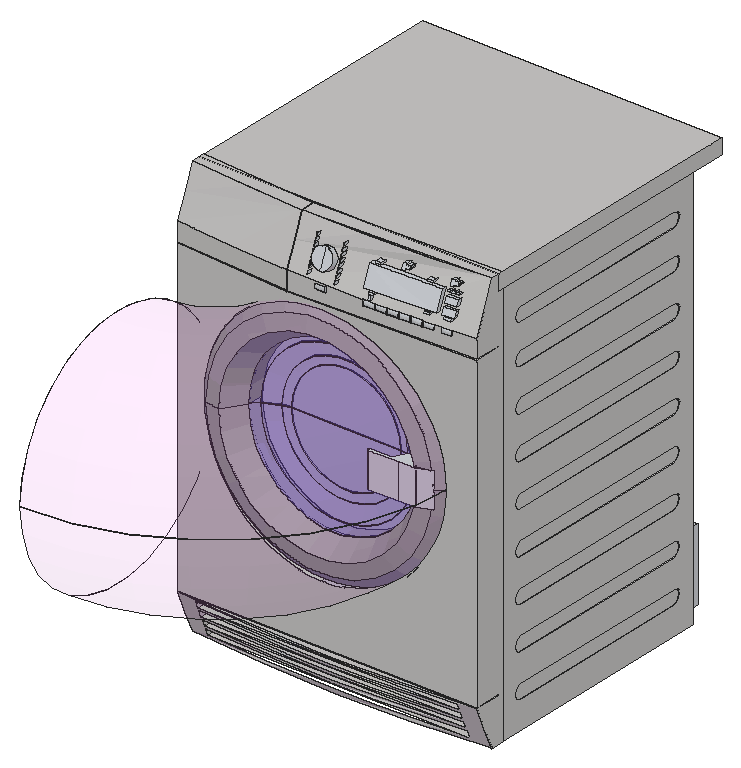
Revit family "QF_ELECTROLUXPROFESSIONAL_1L0A46_TE1120_E", category Attrezzature speciali, Revit 2021
Family settings
  Quota connettore circolare = Usa diametro
  Tipo di parte = Normale
  Basato su piano di lavoro = No
  Sempre verticale = Sì
  Taglio con vuoti quando caricato = No
  Condiviso = No
  Punto di calcolo locali = No
Parameters (values of type "916097781")
  Width = 596.5 mm
  Weight = 44
  Watts = 2800 W
  Volts = 230 V
  URL = "www.electroluxprofessional.com"
  Steam Pounds per Hour = 0
  Sensible Heat Output = "0.0"
  Prospetto di default = 0 mm
  Produttore = "Electrolux Professional"
  Phase = 1
  Modello = "TE1120"
  Length Actual = 596 mm
  Latent Heat Output = "0.0"
  Item Number = "1L0AEF"
  Height Actual = 850 mm
  Height = 850 mm
  Gas KW = 0
  Description = "myPRO SMART PROFESSIONAL TUMBLE DRYER TE1120 8KG CONDENSE 230/50/1N 2,8KW SYMBOLS SCHUKO SST/DARK BLUE"
  Depth Actual = 625 mm
  Depth = 625 mm
  Cycle = 50 Hz
  Corrente [instance] = "12.2"
Types (3, lengths in mm): name | Watts | Volts | Item Number | Description | Cycle | Corrente
  916097781 | 22000 W | 200 V | "1L0BJF" | "myPRO SMART PROFESSIONAL TUMBLE DRYER TE1120 8KG CONDENSE 200/60/1N 2,8KW JP SST/DARK BLUE" | 60 Hz | "478.0"
  916097778 | 28000 W | 230 V | "1L0BJC" | "myPRO SMART PROFESSIONAL TUMBLE DRYER TE1120 8KG CONDENSE 230-240/50/1N 2,8KW EN PLUG-AU SST/DARK BLUE" | 50 Hz | "122.0"
  916097623 | 28000 W | 230 V | "1L0AD9" | "myPRO SMART PROFESSIONAL TUMBLE DRYER TE1120 8KG CONDENSE 230-240/50/1N 2,8KW EN PLUG-UK SST/DARK BLUE" | 50 Hz | "122.0"
Reference planes
  plane 1 "Center (Front/Back)": y = 0
  plane 2: z = 0
  plane 3 "Center (Left/Right)": x = 0
  plane 4 "LEFT": x = -298.25
  plane 5 "RIGHT": x = 298.25
  plane 6 "BACK": y = 312.5
  plane 7 "FRONT": y = -312.5
  plane 8 "voidPanel": through (0, -279.09, 846.678) normal (0, -0.9308, 0.3656)
Forms (mm)
  Extrusion 1, void
    sketch origin (0, 0, 0) x (1, 0, 0) y (0, 1, 0)
      loop
        line (298.25, -312.5) -> (348.25, -312.5) -> (348.25, -207.1) -> (298.25, -207.1) -> (298.25, -312.5)
    from 0 to 850
  Extrusion 2, void
    sketch origin (0, 0, 0) x (1, 0, 0) y (0, 1, 0)
      loop
        line (-298.25, -312.5) -> (-298.25, -207.1) -> (-348.25, -207.1) -> (-348.25, -312.5) -> (-298.25, -312.5)
    from 0 to 850
  Revolve 3, solid, material "QF_Finishes_Stainless Steel"
    sketch origin (0, 0, 0) x (0, 1, 0) y (0, 0, 1)
      loop
        line (-274.523, 850) -> (-312.5, 758.7) -> (-312.5, 96.5) -> (-275.82, 10.099) -> (-247.797, 10.099) -> (-247.797, 850) -> (-274.523, 850)
      axis (2690.37, 850) -> (2690.37, 10.099)
    angle from -6 to 6
  Extrusion 4, solid, material "QF_Finishes_Stainless Steel"
    sketch origin (0, 0, 0) x (1, 0, 0) y (0, 1, 0)
      loop
        line (-298.25, 242.203) -> (-298.25, -242.62) -> (298.25, -242.62) -> (298.25, 242.203) -> (-298.25, 242.203)
    from 10 to 820
  Extrusion 5, solid, material "QF_Finishes_Stainless Steel"
    sketch origin (0, 0, 820) x (-1, 0, 0) y (0, -1, 0)
      loop
        line (298.25, -312.5) -> (298.25, 242.62)
        arc (298.25, 242.62) -> (0, 256.083) -> (-298.25, 242.62) r 3310.343
        line (-298.25, 242.62) -> (-298.25, -312.5) -> (298.25, -312.5)
    from 0 to 30
  Extrusion 6, void
    sketch origin (0, -312.5, 0) x (0, 0, 1) y (-1, 0, 0)
      loop
        circle (470, 0) r 242.757
    from 0 to -500.517
  Revolve 7, solid, material "QF_Finishes_Gray"
    sketch origin (0, 0, 470) x (-1, 0, 0) y (0, -1, 0)
      loop
        line (245.674, 247.797) -> (245.674, 301.649) -> (226.774, 315.823) -> (196.73, 322.467) -> (170.5, 280.146) -> (170.5, 247.797) -> (245.674, 247.797)
      axis (0, 247.797) -> (0, 322.467)
    angle from 0 to 360
  Revolve 8, solid, material "Glass"
    sketch origin (0, 0, 470) x (-1, 0, 0) y (0, -1, 0)
      loop
        line (156.034, 267.121) -> (125.785, 252.816)
        arc (125.785, 252.816) -> (117.42, 250.476) -> (108.77, 249.687) r 47.824
        line (108.77, 249.687) -> (0, 249.687) -> (0, 247.687) -> (108.77, 247.687)
        arc (108.77, 247.687) -> (117.82, 248.516) -> (126.57, 250.975) r 49.824
        line (126.57, 250.975) -> (156.889, 265.313)
        arc (156.889, 265.313) -> (164.396, 270.082) -> (170.5, 276.551) r 35.892
        line (170.5, 276.551) -> (170.5, 280.146)
        arc (170.5, 280.146) -> (164.222, 272.572) -> (156.034, 267.121) r 33.892
      axis (0, 247.687) -> (0, 280.146)
    angle from 0 to 360
  Extrusion 9, void
    sketch origin (0, 0, 470) x (-1, 0, 0) y (0, -1, 0)
      loop
        line (288.25, -232.203) -> (288.25, 237.797) -> (-288.25, 237.797) -> (-288.25, -232.203) -> (288.25, -232.203)
    from -434.1 to 332.6
  Extrusion 10, solid
    sketch origin (0, 0, 852.516) x (-1, 0, 0) y (0, -1, 0)
      loop
        line (-148.308, 321.998) -> (-106.952, 321.998)
        arc (-106.952, 321.998) -> (-103.946, 325.004) -> (-106.952, 328.01) r 3.006
        line (-106.952, 328.01) -> (-166.755, 328.01)
        arc (-166.755, 328.01) -> (-197.368, 324.932) -> (-226.757, 315.823) r 153.806
        line (-226.757, 315.823) -> (-196.713, 322.467) -> (-170.483, 280.146) -> (-148.308, 321.998)
    from -417.516 to -347.516
  Extrusion 11, void
    sketch origin (0, 0, 0) x (0, 1, 0) y (0, 0, 1)
      loop
        line (-186.583, 738.954) -> (193.417, 738.954)
        arc (193.417, 738.954) -> (208.417, 753.954) -> (193.417, 768.954) r 15
        line (193.417, 768.954) -> (-186.583, 768.954)
        arc (-186.583, 768.954) -> (-201.583, 753.954) -> (-186.583, 738.954) r 15
      loop
        line (-186.583, 659.854) -> (193.417, 659.854)
        arc (193.417, 659.854) -> (208.417, 674.854) -> (193.417, 689.854) r 15
        line (193.417, 689.854) -> (-186.583, 689.854)
        arc (-186.583, 689.854) -> (-201.583, 674.854) -> (-186.583, 659.854) r 15
      loop
        arc (193.417, 574.854) -> (208.417, 589.854) -> (193.417, 604.854) r 15
        line (193.417, 604.854) -> (-186.583, 604.854)
        arc (-186.583, 604.854) -> (-201.583, 589.854) -> (-186.583, 574.854) r 15
        line (-186.583, 574.854) -> (193.417, 574.854)
      loop
        arc (-186.583, 519.854) -> (-201.583, 504.854) -> (-186.583, 489.854) r 15
        line (-186.583, 489.854) -> (193.417, 489.854)
        arc (193.417, 489.854) -> (208.417, 504.854) -> (193.417, 519.854) r 15
        line (193.417, 519.854) -> (-186.583, 519.854)
      loop
        arc (-186.583, 434.854) -> (-201.583, 419.854) -> (-186.583, 404.854) r 15
        line (-186.583, 404.854) -> (193.417, 404.854)
        arc (193.417, 404.854) -> (208.417, 419.854) -> (193.417, 434.854) r 15
        line (193.417, 434.854) -> (-186.583, 434.854)
      loop
        line (-186.583, 319.854) -> (193.417, 319.854)
        arc (193.417, 319.854) -> (208.417, 334.854) -> (193.417, 349.854) r 15
        line (193.417, 349.854) -> (-186.583, 349.854)
        arc (-186.583, 349.854) -> (-201.583, 334.854) -> (-186.583, 319.854) r 15
      loop
        arc (-186.583, 264.854) -> (-201.583, 249.854) -> (-186.583, 234.854) r 15
        line (-186.583, 234.854) -> (193.417, 234.854)
        arc (193.417, 234.854) -> (208.417, 249.854) -> (193.417, 264.854) r 15
        line (193.417, 264.854) -> (-186.583, 264.854)
      loop
        arc (-186.583, 179.854) -> (-201.583, 164.854) -> (-186.583, 149.854) r 15
        line (-186.583, 149.854) -> (193.417, 149.854)
        arc (193.417, 149.854) -> (208.417, 164.854) -> (193.417, 179.854) r 15
        line (193.417, 179.854) -> (-186.583, 179.854)
      loop
        arc (-186.583, 94.854) -> (-201.583, 79.854) -> (-186.583, 64.854) r 15
        line (-186.583, 64.854) -> (193.417, 64.854)
        arc (193.417, 64.854) -> (208.417, 79.854) -> (193.417, 94.854) r 15
        line (193.417, 94.854) -> (-186.583, 94.854)
    from 295 to 298.25
  Extrusion 12, void
    sketch origin (-298.25, 0, 0) x (0, 0, 1) y (0, -1, 0)
      loop
        line (768.954, -193.417) -> (768.954, 186.583)
        arc (768.954, 186.583) -> (753.954, 201.583) -> (738.954, 186.583) r 15
        line (738.954, 186.583) -> (738.954, -193.417)
        arc (738.954, -193.417) -> (753.954, -208.417) -> (768.954, -193.417) r 15
      loop
        arc (659.854, -193.417) -> (674.854, -208.417) -> (689.854, -193.417) r 15
        line (689.854, -193.417) -> (689.854, 186.583)
        arc (689.854, 186.583) -> (674.854, 201.583) -> (659.854, 186.583) r 15
        line (659.854, 186.583) -> (659.854, -193.417)
      loop
        line (604.854, -193.417) -> (604.854, 186.583)
        arc (604.854, 186.583) -> (589.854, 201.583) -> (574.854, 186.583) r 15
        line (574.854, 186.583) -> (574.854, -193.417)
        arc (574.854, -193.417) -> (589.854, -208.417) -> (604.854, -193.417) r 15
      loop
        arc (489.854, -193.417) -> (504.854, -208.417) -> (519.854, -193.417) r 15
        line (519.854, -193.417) -> (519.854, 186.583)
        arc (519.854, 186.583) -> (504.854, 201.583) -> (489.854, 186.583) r 15
        line (489.854, 186.583) -> (489.854, -193.417)
      loop
        line (404.854, 186.583) -> (404.854, -193.417)
        arc (404.854, -193.417) -> (419.854, -208.417) -> (434.854, -193.417) r 15
        line (434.854, -193.417) -> (434.854, 186.583)
        arc (434.854, 186.583) -> (419.854, 201.583) -> (404.854, 186.583) r 15
      loop
        arc (319.854, -193.417) -> (334.854, -208.417) -> (349.854, -193.417) r 15
        line (349.854, -193.417) -> (349.854, 186.583)
        arc (349.854, 186.583) -> (334.854, 201.583) -> (319.854, 186.583) r 15
        line (319.854, 186.583) -> (319.854, -193.417)
      loop
        arc (264.854, 186.583) -> (249.854, 201.583) -> (234.854, 186.583) r 15
        line (234.854, 186.583) -> (234.854, -193.417)
        arc (234.854, -193.417) -> (249.854, -208.417) -> (264.854, -193.417) r 15
        line (264.854, -193.417) -> (264.854, 186.583)
      loop
        arc (149.854, -193.417) -> (164.854, -208.417) -> (179.854, -193.417) r 15
        line (179.854, -193.417) -> (179.854, 186.583)
        arc (179.854, 186.583) -> (164.854, 201.583) -> (149.854, 186.583) r 15
        line (149.854, 186.583) -> (149.854, -193.417)
      loop
        line (94.854, -193.417) -> (94.854, 186.583)
        arc (94.854, 186.583) -> (79.854, 201.583) -> (64.854, 186.583) r 15
        line (64.854, 186.583) -> (64.854, -193.417)
        arc (64.854, -193.417) -> (79.854, -208.417) -> (94.854, -193.417) r 15
    from 0 to 3.25
  Extrusion 13, solid
    sketch origin (0, 0, 0) x (1, 0, 0) y (0, 1, 0)
      loop
        circle (-263.25, 215.1) r 20
    from 2.599 to 10
  Extrusion 14, solid
    sketch origin (0, 0, 0) x (1, 0, 0) y (0, 1, 0)
      loop
        circle (-263.25, 215.1) r 11
    from 0 to 3
  Extrusion 15, solid
    sketch origin (0, 0, 0) x (1, 0, 0) y (0, 1, 0)
      loop
        circle (263.25, 215.1) r 20
    from 3 to 10
  Extrusion 16, solid
    sketch origin (0, 0, 0) x (1, 0, 0) y (0, 1, 0)
      loop
        circle (263.25, 215.1) r 11
    from 0 to 3
  Extrusion 17, solid
    sketch origin (0, 0, 0) x (1, 0, 0) y (0, 1, 0)
      loop
        circle (-263.25, -211.3) r 20
    from 3 to 10
  Extrusion 18, solid
    sketch origin (0, 0, 0) x (1, 0, 0) y (0, 1, 0)
      loop
        circle (-263.25, -211.3) r 11
    from 0 to 3
  Extrusion 19, solid
    sketch origin (0, 0, 0) x (1, 0, 0) y (0, 1, 0)
      loop
        circle (263.25, -211.3) r 20
    from 3 to 10
  Extrusion 20, solid
    sketch origin (0, 0, 0) x (1, 0, 0) y (0, 1, 0)
      loop
        circle (263.25, -211.3) r 11
    from 0 to 3
  Extrusion 21, solid
    sketch origin (66, 242.203, -35.6) x (0, 0, 1) y (1, 0, 0)
      loop
        circle (770.6, 175.06) r 5
    from 0 to 10
  Revolve 22, solid
    sketch origin (0, 0, 0) x (0, 1, 0) y (0, 0, 1)
      loop
        line (-291.663, 811.912) -> (-293.12, 812.457) -> (-291.348, 817.196) -> (-301.951, 821.16) -> (-309.078, 802.099) -> (-297.096, 797.379) -> (-291.663, 811.912)
      axis (-309.408, 802.229) -> (-297.096, 797.379)
    angle from 0 to 360
  Revolve 23, void
    sketch origin (-230.316, 19.843, 0) x (-0.085839, -0.996309, 0) y (0, 0, 1)
      loop
        arc (300.921, 759.87) -> (305.932, 740.04) -> (319.761, 724.969) r 41.748
        line (319.761, 724.969) -> (319.761, 759.87) -> (300.921, 759.87)
      axis (-2683.13, 759.87) -> (-2683.13, 724.969)
    angle from 0 to 2.65
  Extrusion 24, void
    sketch origin (0, -312.5, 0) x (0, 0, 1) y (-1, 0, 0)
      loop
        line (756.024, 11.1) -> (744.024, 11.1) -> (744.024, -11.9) -> (756.024, -11.9) -> (756.024, 11.1)
    from -2 to 2
  Extrusion 25, void
    sketch origin (0, -312.5, 0) x (0, 0, 1) y (-1, 0, 0)
      loop
        line (747.324, -82.491) -> (747.324, -105.291) -> (759.324, -105.291) -> (759.324, -82.491) -> (747.324, -82.491)
    from -4.2 to 3
  Extrusion 26, void
    sketch origin (0, -312.5, 0) x (0, 0, 1) y (-1, 0, 0)
      loop
        line (747.324, -105.691) -> (747.324, -128.291) -> (759.324, -128.291) -> (759.324, -105.691) -> (747.324, -105.691)
    from -5 to 3
  Extrusion 27, void
    sketch origin (0, -312.5, 0) x (0, 0, 1) y (-1, 0, 0)
      loop
        line (747.324, -128.691) -> (747.324, -151.291) -> (759.324, -151.291) -> (759.324, -128.691) -> (747.324, -128.691)
    from -6 to 3
  Extrusion 28, void
    sketch origin (0, -312.5, 0) x (0, 0, 1) y (-1, 0, 0)
      loop
        line (747.324, -151.691) -> (747.324, -174.291) -> (759.324, -174.291) -> (759.324, -151.691) -> (747.324, -151.691)
    from -7 to 3
  Extrusion 29, void
    sketch origin (0, -312.5, 0) x (0, 0, 1) y (-1, 0, 0)
      loop
        line (759.324, -174.691) -> (747.324, -174.691) -> (747.324, -197.291) -> (759.324, -197.291) -> (759.324, -174.691)
    from -8 to 3
  Extrusion 30, void
    sketch origin (0, -312.5, 0) x (0, 0, 1) y (-1, 0, 0)
      loop
        line (759.324, -197.691) -> (747.324, -197.691) -> (747.324, -220.291) -> (759.324, -220.291) -> (759.324, -197.691)
    from -10 to 3
  Extrusion 31, void
    sketch origin (0, -312.5, 0) x (0, 0, 1) y (-1, 0, 0)
      loop
        line (759.324, -231.191) -> (747.324, -231.191) -> (747.324, -253.791) -> (759.324, -253.791) -> (759.324, -231.191)
    from -12 to 3
  Revolve 32, solid
    sketch origin (0, 0, 3.3) x (0, 1, 0) y (0, 0, 1)
      loop
        arc (-313.722, 755.444) -> (-316.107, 750.198) -> (-315.269, 744.497) r 10.199
        line (-315.269, 744.497) -> (-311.5, 744.497) -> (-311.5, 755.444) -> (-313.722, 755.444)
      axis (2690.37, 755.444) -> (2690.37, 744.497)
    angle from -0.2 to 0.2
  Revolve 33, solid
    sketch origin (225.331, 18.987, 3.3) x (-0.083967, 0.996469, 0) y (0, 0, 1)
      loop
        line (-322.415, 744.497) -> (-318.664, 744.497) -> (-318.664, 755.444) -> (-320.867, 755.444)
        arc (-320.867, 755.444) -> (-323.262, 750.2) -> (-322.415, 744.497) r 10.15
      axis (2683.559, 755.444) -> (2683.559, 744.497)
    angle from 0.39 to 0
  Revolve 34, solid
    sketch origin (175.309, 11.964, 2.773) x (-0.065247, 0.997869, 0) y (0, 0, 1)
      loop
        arc (-316.803, 755.966) -> (-319.198, 750.722) -> (-318.35, 745.019) r 10.15
        line (-318.35, 745.019) -> (-314.581, 745.019) -> (-314.581, 755.966) -> (-316.803, 755.966)
      axis (2687.331, 755.966) -> (2687.331, 745.019)
    angle from 0 to 0.39
  Revolve 35, solid
    sketch origin (154.929, 8.943, 3.3) x (0.057625, -0.998338, 0) y (0, 0, 1)
      loop
        line (314.383, 755.444) -> (312.161, 755.444) -> (312.161, 744.497) -> (315.93, 744.497)
        arc (315.93, 744.497) -> (316.778, 750.2) -> (314.383, 755.444) r 10.15
      axis (-2688.595, 755.444) -> (-2688.595, 744.497)
    angle from 0 to -0.39
  Revolve 36, solid
    sketch origin (114.028, 4.837, 3.3) x (-0.042379, 0.999102, 0) y (0, 0, 1)
      loop
        arc (-312.044, 755.444) -> (-314.439, 750.2) -> (-313.591, 744.497) r 10.15
        line (-313.591, 744.497) -> (-309.822, 744.497) -> (-309.822, 755.444) -> (-312.044, 755.444)
      axis (2690.65, 755.444) -> (2690.65, 744.497)
    angle from 0 to 0.39
  Revolve 37, solid
    sketch origin (93.547, 3.253, 3.3) x (0.034757, -0.999396, 0) y (0, 0, 1)
      loop
        line (310.993, 755.444) -> (308.772, 755.444) -> (308.772, 744.497) -> (312.541, 744.497)
        arc (312.541, 744.497) -> (313.388, 750.2) -> (310.993, 755.444) r 10.15
      axis (-2691.442, 755.444) -> (-2691.442, 744.497)
    angle from 0 to -0.39
  Revolve 38, solid
    sketch origin (195.713, 14.299, 3.236) x (-0.072866, 0.997342, 0) y (0, 0, 1)
      loop
        line (-314.873, 744.555) -> (-314.873, 755.526) -> (-317.167, 755.526)
        arc (-317.167, 755.526) -> (-319.568, 750.27) -> (-318.708, 744.555) r 10.141
        line (-318.708, 744.555) -> (-314.873, 744.555)
      axis (2685.911, 755.526) -> (2685.911, 744.555)
    angle from 0 to 0.39
  Revolve 39, solid
    sketch origin (134.491, 6.733, 3.3) x (-0.050002, 0.998749, 0) y (0, 0, 1)
      loop
        line (-314.545, 744.497) -> (-310.794, 744.497) -> (-310.794, 755.444) -> (-312.997, 755.444)
        arc (-312.997, 755.444) -> (-315.392, 750.2) -> (-314.545, 744.497) r 10.15
      axis (2689.701, 755.444) -> (2689.701, 744.497)
    angle from 0 to 0.39
  Extrusion 40, void
    sketch origin (-298.25, 0, 0) x (0, 0, 1) y (0, -1, 0)
      loop
        line (850, 243.476) -> (850, 327.13) -> (718.7, 327.13) -> (718.7, 243.476) -> (850, 243.476)
    from 229 to 231.5
  Extrusion 41, void
    sketch origin (298.25, 0, 0) x (0, 0, 1) y (0, -1, 0)
      loop
        line (722, 242.62) -> (722, 333.453) -> (719.5, 333.453) -> (719.5, 242.62) -> (722, 242.62)
    from -600 to 3
  Extrusion 42, void
    sketch origin (298.25, 0, 0) x (0, 0, 1) y (0, -1, 0)
      loop
        line (96.5, 322.797) -> (96.5, 242.62) -> (99, 242.62) -> (99, 322.797) -> (96.5, 322.797)
    from -600 to 3
  Extrusion 43, solid
    sketch origin (0, -312.5, 0) x (0, 0, 1) y (-1, 0, 0)
      loop
        line (830.108, -26.248) -> (825.608, -26.248) -> (825.608, -27.748) -> (830.108, -27.748) -> (830.108, -26.248)
      loop
        line (821.758, -26.248) -> (817.258, -26.248) -> (817.258, -27.748) -> (821.758, -27.748) -> (821.758, -26.248)
      loop
        line (813.408, -26.248) -> (808.908, -26.248) -> (808.908, -27.748) -> (813.408, -27.748) -> (813.408, -26.248)
      loop
        line (805.058, -26.248) -> (800.558, -26.248) -> (800.558, -27.748) -> (805.058, -27.748) -> (805.058, -26.248)
      loop
        line (792.208, -26.248) -> (792.208, -27.748) -> (796.7, -27.748) -> (796.7, -26.248) -> (792.208, -26.248)
      loop
        line (783.858, -26.248) -> (783.858, -27.748) -> (788.358, -27.748) -> (788.358, -26.248) -> (783.858, -26.248)
      loop
        line (775.508, -26.248) -> (775.508, -27.748) -> (780.008, -27.748) -> (780.008, -26.248) -> (775.508, -26.248)
      loop
        line (767.158, -26.248) -> (767.158, -27.748) -> (771.658, -27.748) -> (771.658, -26.248) -> (767.158, -26.248)
      loop
        line (825.608, 27.752) -> (825.608, 26.252) -> (830.108, 26.252) -> (830.108, 27.752) -> (825.608, 27.752)
      loop
        line (817.258, 27.752) -> (817.258, 26.252) -> (821.758, 26.252) -> (821.758, 27.752) -> (817.258, 27.752)
      loop
        line (808.908, 27.752) -> (808.908, 26.252) -> (813.408, 26.252) -> (813.408, 27.752) -> (808.908, 27.752)
      loop
        line (800.558, 27.752) -> (800.558, 26.252) -> (805.058, 26.252) -> (805.058, 27.752) -> (800.558, 27.752)
      loop
        line (792.208, 27.752) -> (792.208, 26.252) -> (796.7, 26.252) -> (796.7, 27.752) -> (792.208, 27.752)
      loop
        line (783.858, 27.752) -> (783.858, 26.252) -> (788.358, 26.252) -> (788.358, 27.752) -> (783.858, 27.752)
      loop
        line (775.508, 27.752) -> (775.508, 26.252) -> (780.008, 26.252) -> (780.008, 27.752) -> (775.508, 27.752)
      loop
        line (767.158, 27.752) -> (767.158, 26.252) -> (771.658, 26.252) -> (771.658, 27.752) -> (767.158, 27.752)
      loop
        line (819.143, -91.989) -> (819.143, -101.989) -> (822.143, -101.989) -> (822.143, -91.989) -> (819.143, -91.989)
      loop
        line (772.15, -91.989) -> (772.15, -101.989) -> (775.15, -101.989) -> (775.15, -91.989) -> (772.15, -91.989)
      loop
        line (762.775, -93.928) -> (762.775, -97.928) -> (769.475, -97.928) -> (769.475, -93.928) -> (762.775, -93.928)
      loop
        line (819.143, -191.861) -> (819.143, -201.861) -> (822.143, -201.861) -> (822.143, -191.861) -> (819.143, -191.861)
      loop
        line (772.15, -198.861) -> (772.15, -208.861) -> (775.15, -208.861) -> (775.15, -198.861) -> (772.15, -198.861)
      loop
        line (814.446, -230.991) -> (814.446, -237.491) -> (816.946, -237.491) -> (816.946, -230.991) -> (814.446, -230.991)
      loop
        line (816.946, -239.241) -> (814.446, -239.241) -> (814.446, -245.741) -> (816.946, -245.741) -> (816.946, -239.241)
      loop
        line (816.946, -247.491) -> (814.446, -247.491) -> (814.446, -253.991) -> (816.946, -253.991) -> (816.946, -247.491)
      loop
        line (808.046, -230.991) -> (796.046, -230.991) -> (796.046, -253.991) -> (808.046, -253.991) -> (808.046, -230.991)
      loop
        line (791.046, -230.991) -> (779.046, -230.991) -> (779.046, -253.991) -> (791.046, -253.991) -> (791.046, -230.991)
      loop
        line (773.046, -235.991) -> (773.046, -248.991) -> (776.546, -248.991) -> (776.546, -235.991) -> (773.046, -235.991)
      loop
        line (815.845, -81.665) -> (778.345, -81.665) -> (778.345, -221.665) -> (815.845, -221.665) -> (815.845, -81.665)
      loop
        line (823.434, -141.668) -> (823.434, -148.168) -> (825.186, -148.168)
        arc (825.186, -148.168) -> (825.862, -148.43) -> (826.186, -149.079) r 1.004
        line (826.186, -149.079) -> (826.761, -155.285)
        arc (826.761, -155.285) -> (827.085, -155.934) -> (827.761, -156.196) r 1.004
        line (827.761, -156.196) -> (830.526, -156.196)
        arc (830.526, -156.196) -> (831.202, -155.934) -> (831.526, -155.285) r 1.004
        line (831.526, -155.285) -> (832.101, -149.079)
        arc (832.101, -149.079) -> (832.559, -148.326) -> (833.434, -148.224) r 1.004
        line (833.434, -148.224) -> (833.434, -141.668) -> (823.434, -141.668)
      loop
        line (823.434, -233.563) -> (823.434, -240.063) -> (825.186, -240.063)
        arc (825.186, -240.063) -> (825.862, -240.325) -> (826.186, -240.974) r 1.004
        line (826.186, -240.974) -> (826.761, -247.18)
        arc (826.761, -247.18) -> (827.085, -247.829) -> (827.761, -248.091) r 1.004
        line (827.761, -248.091) -> (830.526, -248.091)
        arc (830.526, -248.091) -> (831.202, -247.829) -> (831.526, -247.18) r 1.004
        line (831.526, -247.18) -> (832.101, -240.974)
        arc (832.101, -240.974) -> (832.559, -240.222) -> (833.434, -240.12) r 1.004
        line (833.434, -240.12) -> (833.434, -233.563) -> (823.434, -233.563)
    from -45.246 to 6
  Revolve 44, void
    sketch origin (0, 0, 0) x (0, 1, 0) y (0, 0, 1)
      loop
        line (-316.301, 758.952) -> (-278.984, 853.952) -> (-329.707, 853.952) -> (-329.707, 758.952) -> (-316.301, 758.952)
      axis (2690.37, 853.952) -> (2690.37, 758.952)
    angle from 1 to -6
  Revolve 45, void
    sketch origin (0, 0, 0) x (0, 1, 0) y (0, 0, 1)
      loop
        line (-273.427, 839.015) -> (-303.994, 761.2) -> (-262.303, 761.2) -> (-262.303, 839.015) -> (-273.427, 839.015)
      axis (2690.37, 839.015) -> (2690.37, 761.2)
    angle from 1 to -5
  Revolve 46, solid, material "QF_Door-Drawer Clearances"
    sketch origin (0, -271.25, 0) x (-1, 0, 0) y (0, 0, 1)
      loop
        circle (-1.368, 470) r 244.125
      axis (242.774, 470) -> (242.774, 469)
    angle from 0 to 90
  Extrusion 47, void
    sketch origin (0, -312.5, 0) x (0, 0, 1) y (-1, 0, 0)
      loop
        line (94, 260.75) -> (80, 260.75) -> (80, -261.25) -> (94, -261.25) -> (94, 260.75)
      loop
        line (74, 260.75) -> (60, 260.75) -> (60, -261.25) -> (74, -261.25) -> (74, 260.75)
      loop
        line (54, 260.75) -> (40, 260.75) -> (40, -261.25) -> (54, -261.25) -> (54, 260.75)
      loop
        line (34, 260.75) -> (20, 260.75) -> (20, -261.25) -> (34, -261.25) -> (34, 260.75)
    from -91.438 to 3
  Extrusion 48, solid
    sketch origin (0, 242.203, 0) x (0, 0, 1) y (1, 0, 0)
      loop
        line (278.63, -252.495) -> (389.816, -207.414) -> (460.2, -240.618)
        arc (460.2, -240.618) -> (584.111, -257.767) -> (695.694, -201.223) r 209.429
        arc (695.694, -201.223) -> (784.615, -65.119) -> (777.879, 97.319) r 266.4
        arc (777.879, 97.319) -> (678.38, 225.893) -> (522.686, 272.699) r 266.4
        arc (522.686, 272.699) -> (400.917, 244.057) -> (317.197, 151.111) r 209.429
        line (317.197, 151.111) -> (284.759, 80.371) -> (165.518, 32.025) -> (47.549, 32.025) -> (47.549, -15.806) -> (10, -15.806) -> (10, -252.495) -> (278.63, -252.495)
    from 0 to 15
  Blend 49, solid
    base sketch origin (0, 242.203, 0) x (0, 0, 1) y (1, 0, 0)
      loop
        line (289.712, 68.155) -> (174.986, 21.639) -> (10, 21.639) -> (10, -235.481) -> (278.63, -235.481) -> (384.922, -192.385) -> (501.616, -199.666)
        arc (501.616, -199.666) -> (704.606, 72.534) -> (373.752, 148.911) r 202.765
        line (373.752, 148.911) -> (289.712, 68.155)
    top sketch origin (0, 242.203, 0) x (0, 0, 1) y (1, 0, 0)
      loop
        line (425.069, 116.303) -> (307.228, 24.954) -> (208.47, -15.088) -> (10, -15.088) -> (10, -202.083) -> (165.518, -202.083) -> (278.63, -188.128) -> (371.298, -150.555) -> (518.478, -141.65)
        arc (518.478, -141.65) -> (650.033, 51.877) -> (425.069, 116.303) r 144.418
    from 15 to 55
  Extrusion 50, solid
    sketch origin (0, 242.203, 0) x (0, 0, 1) y (1, 0, 0)
      loop
        line (10, 263.25) -> (10, 21.639) -> (47.549, 21.639) -> (47.549, 129.16) -> (133.248, 129.16) -> (154.843, 248.035) -> (154.843, 263.25) -> (10, 263.25)
    from 0 to 55
  Extrusion 51, solid
    sketch origin (0, 242.203, 0) x (0, 0, 1) y (1, 0, 0)
      loop
        circle (688, -254.25) r 6.35
    from 0 to 3
  Extrusion 52, solid
    sketch origin (0, 242.203, 0) x (0, 0, 1) y (1, 0, 0)
      loop
        circle (779, -209.25) r 6.35
    from 0 to 3
  Extrusion 53, void
    sketch origin (0, 312.5, 0) x (0, 0, 1) y (-1, 0, 0)
      loop
        line (10, 15.088) -> (45, 15.088) -> (45, 55.088) -> (10, 55.088) -> (10, 15.088)
    from 15.297 to 35.3
  Extrusion 54, solid
    sketch origin (-2.359, 312.5, -1) x (0, 0, 1) y (-1, 0, 0)
      loop
        circle (28.5, 33.088) r 12.7
    from 15.3 to 35.3
Cuts and joins
  Extrusion 9, Extrusion 11, Extrusion 12, Revolve 23, Extrusion 41, Extrusion 42 cuts Extrusion 4
  Extrusion 1, Extrusion 2, Extrusion 6, Revolve 23, Extrusion 24, Extrusion 25, Extrusion 26, Extrusion 27, Extrusion 28, Extrusion 29, Extrusion 30, Extrusion 31, Extrusion 40, Extrusion 41, Extrusion 42, Revolve 45, Extrusion 47 cuts Revolve 3
  Revolve 44, Revolve 45 cuts Extrusion 43
  Extrusion 53 cuts Blend 49
Lines and regions (mm)
  model lines
    curve 1: line (253.366, -313.716, 0) -> (253.669, -317.455, 0)
  symbolic lines, style "QF_Door-Drawer Clearances"
    curve 2: line (-242.774, -758.898, 744.475) -> (-242.774, -271.25, 744.475)
    curve 3: line (-242.774, -759.517, 744.475) -> (-239.774, -759.517, 744.475)
    curve 4: arc (-242.774, -759.517, 744.475) -> (91.088, -627.537, 744.475) -> (244.463, -302.947, 744.475) r 488.267
Dimensions and locks
  equal spacing: plane 5 "RIGHT", plane 3 "Center (Left/Right)", plane 4 "LEFT"
  "Width": plane 5 "RIGHT" to plane 4 "LEFT"
  equal spacing: plane 7 "FRONT", plane 1 "Center (Front/Back)", plane 6 "BACK"
  "Depth": plane 7 "FRONT" to plane 6 "BACK"
  plane 7 "FRONT" to plane 6 "BACK" = 625 mm
  curve 3 to plane 6 "BACK" = 1072.017 mm
  cut or joined group 1 (Extrusion 1, Extrusion 2, Revolve 3, Extrusion 6, Revolve 23, Extrusion 24, Extrusion 25, Extrusion 26, Extrusion 27, Extrusion 28, Extrusion 29, Extrusion 30, Extrusion 31, Extrusion 40, Extrusion 41, Extrusion 42, Revolve 45, Extrusion 47) to cut or joined group 1 = 128 mm
  cut or joined group 1 to cut or joined group 1 = 711.901 mm
  cut or joined group 1 to level = 850 mm
  aligned and locked: level to plane 2
Automatic sketch dimensions
  Extrusion 1 sketch curve to plane 5 "RIGHT" = 0 mm
  plane 7 "FRONT" to Extrusion 1 sketch curve = 0 mm
  Extrusion 1 sketch curve to Extrusion 1 sketch curve = 50 mm
  plane 7 "FRONT" to Extrusion 2 sketch curve = 0 mm
  Extrusion 2 sketch curve to plane 4 "LEFT" = 0 mm
  Extrusion 2 sketch curve to Extrusion 2 sketch curve = 50 mm
  Extrusion 4 sketch curve to plane 4 "LEFT" = 0 mm
  Extrusion 4 sketch curve to plane 5 "RIGHT" = 0 mm
  Extrusion 6 sketch curve to plane 3 "Center (Left/Right)" = 0 mm
  Revolve 7 sketch curve to plane 3 "Center (Left/Right)" = 0 mm
  plane 7 "FRONT" to Revolve 7 sketch curve = 3.323 mm
  Revolve 7 sketch curve to Revolve 7 sketch curve = 32.349 mm
  Revolve 7 sketch curve to plane 7 "FRONT" = 10.851 mm
  plane 7 "FRONT" to Revolve 7 sketch curve = 9.967 mm
  Revolve 7 sketch curve to plane 6 "BACK" = 1134.072 mm
  plane 7 "FRONT" to Revolve 7 sketch curve = 1124.917 mm
  Revolve 8 sketch curve to Revolve 8 sketch curve = 0 mm  (x5)
  Revolve 8 sketch curve to plane 3 "Center (Left/Right)" = 0 mm  (x2)
  Revolve 8 sketch curve to Revolve 8 sketch curve = 0.785 mm
  Revolve 8 sketch curve to Revolve 8 sketch curve = 0.855 mm
  Revolve 8 sketch curve to Revolve 8 sketch curve = 14.466 mm
  Revolve 8 sketch curve to Revolve 8 sketch curve = 1.288 mm
  Revolve 8 sketch curve to Revolve 8 sketch curve = 1.808 mm
  Revolve 8 sketch curve to Revolve 8 sketch curve = 9.43 mm
  Revolve 8 sketch curve to plane 6 "BACK" = 1134.072 mm
  plane 7 "FRONT" to Revolve 8 sketch curve = 1124.917 mm
  plane 7 "FRONT" to Extrusion 10 sketch curve = 3.323 mm
  plane 7 "FRONT" to Extrusion 10 sketch curve = 9.967 mm
  plane 7 "FRONT" to Extrusion 10 sketch curve = 9.498 mm
  Extrusion 10 sketch curve to Extrusion 10 sketch curve = 18.446 mm
  Extrusion 10 sketch curve to Extrusion 10 sketch curve = 41.357 mm
  Extrusion 11 sketch curve to Extrusion 11 sketch curve = 15 mm  (x9)
  Extrusion 11 sketch curve to Extrusion 11 sketch curve = 55 mm  (x7)
  Extrusion 12 sketch curve to Extrusion 12 sketch curve = 55 mm  (x7)
  Extrusion 12 sketch curve to Extrusion 12 sketch curve = 15 mm  (x9)
  Revolve 22 sketch curve to plane 7 "FRONT" = 3.422 mm
  Revolve 22 sketch curve to plane 7 "FRONT" = 10.549 mm
  Revolve 22 sketch curve to Revolve 22 sketch curve = 11.981 mm
  Revolve 22 sketch curve to Revolve 22 sketch curve = 8.831 mm
  Revolve 22 sketch curve to Revolve 22 sketch curve = 1.772 mm
  Revolve 22 sketch curve to Revolve 22 sketch curve = 0 mm  (x4)
  Revolve 23 sketch curve to Revolve 23 sketch curve = 18.839 mm
  Revolve 23 sketch curve to Revolve 23 sketch curve = 22.908 mm
  Revolve 23 sketch curve to Revolve 23 sketch curve = 2984.051 mm
  plane 3 "Center (Left/Right)" to Extrusion 24 sketch curve = 11.9 mm
  Extrusion 24 sketch curve to plane 3 "Center (Left/Right)" = 11.1 mm
  Extrusion 25 sketch curve to Extrusion 25 sketch curve = 22.8 mm
  Extrusion 26 sketch curve to Extrusion 26 sketch curve = 22.6 mm
  Extrusion 27 sketch curve to Extrusion 27 sketch curve = 22.6 mm
  Extrusion 28 sketch curve to Extrusion 28 sketch curve = 22.6 mm
  Extrusion 30 sketch curve to Extrusion 30 sketch curve = 22.6 mm
  Revolve 32 sketch curve to plane 7 "FRONT" = 6.491 mm
  Revolve 32 sketch curve to plane 7 "FRONT" = 1 mm
  plane 7 "FRONT" to Revolve 32 sketch curve = 1.222 mm
  plane 7 "FRONT" to Revolve 32 sketch curve = 2.769 mm
  Revolve 33 sketch curve to Revolve 33 sketch curve = 1.547 mm
  Revolve 33 sketch curve to Revolve 33 sketch curve = 2.203 mm
  Revolve 33 sketch curve to Revolve 33 sketch curve = 2996.771 mm
  Revolve 34 sketch curve to Revolve 34 sketch curve = 1.547 mm
  Revolve 34 sketch curve to Revolve 34 sketch curve = 3.769 mm
  Revolve 34 sketch curve to Revolve 34 sketch curve = 2996.479 mm
  Revolve 35 sketch curve to Revolve 35 sketch curve = 5.433 mm
  Revolve 35 sketch curve to Revolve 35 sketch curve = 2.222 mm
  Revolve 35 sketch curve to Revolve 35 sketch curve = 3.769 mm
  Revolve 35 sketch curve to Revolve 35 sketch curve = 2995.322 mm
  Revolve 36 sketch curve to Revolve 36 sketch curve = 1.548 mm
  Revolve 36 sketch curve to Revolve 36 sketch curve = 3.769 mm
  Revolve 36 sketch curve to Revolve 36 sketch curve = 2995.039 mm
  Revolve 37 sketch curve to Revolve 37 sketch curve = 5.433 mm
  Revolve 37 sketch curve to Revolve 37 sketch curve = 2.222 mm
  Revolve 37 sketch curve to Revolve 37 sketch curve = 3.769 mm
  Revolve 37 sketch curve to Revolve 37 sketch curve = 2994.781 mm
  Revolve 38 sketch curve to Revolve 38 sketch curve = 1.541 mm
  Revolve 38 sketch curve to Revolve 38 sketch curve = 3.835 mm
  Revolve 38 sketch curve to Revolve 38 sketch curve = 2995.436 mm
  Revolve 39 sketch curve to Revolve 39 sketch curve = 1.547 mm
  Revolve 39 sketch curve to Revolve 39 sketch curve = 2.203 mm
  Revolve 39 sketch curve to Revolve 39 sketch curve = 2995.043 mm
  plane 7 "FRONT" to Extrusion 40 sketch curve = 14.63 mm
  Extrusion 41 sketch curve to Extrusion 41 sketch curve = 2.5 mm
  plane 7 "FRONT" to Extrusion 41 sketch curve = 20.953 mm
  Extrusion 42 sketch curve to Extrusion 42 sketch curve = 2.5 mm
  plane 7 "FRONT" to Extrusion 42 sketch curve = 10.297 mm
  Extrusion 43 sketch curve to Extrusion 43 sketch curve = 5 mm  (x3)
  Extrusion 43 sketch curve to Extrusion 43 sketch curve = 3.85 mm  (x12)
  Extrusion 43 sketch curve to Extrusion 43 sketch curve = 4.5 mm  (x14)
  Extrusion 43 sketch curve to Extrusion 43 sketch curve = 2.5 mm  (x4)
  Extrusion 43 sketch curve to Extrusion 43 sketch curve = 6.7 mm
  Extrusion 43 sketch curve to Extrusion 43 sketch curve = 3.858 mm  (x2)
  Extrusion 43 sketch curve to Extrusion 43 sketch curve = 0 mm  (x17)
  Extrusion 43 sketch curve to Extrusion 43 sketch curve = 3 mm  (x4)
  Extrusion 43 sketch curve to Extrusion 43 sketch curve = 1.752 mm  (x2)
  Extrusion 43 sketch curve to Extrusion 43 sketch curve = 1 mm  (x8)
  Extrusion 43 sketch curve to Extrusion 43 sketch curve = 0.576 mm  (x2)
  Extrusion 43 sketch curve to Extrusion 43 sketch curve = 2.765 mm  (x2)
  Extrusion 43 sketch curve to Extrusion 43 sketch curve = 5.916 mm  (x2)
  Extrusion 43 sketch curve to Extrusion 43 sketch curve = 0.333 mm  (x2)
  Extrusion 43 sketch curve to Extrusion 43 sketch curve = 0.911 mm  (x4)
  Extrusion 43 sketch curve to Extrusion 43 sketch curve = 6.5 mm  (x3)
  Extrusion 43 sketch curve to Extrusion 43 sketch curve = 1.75 mm  (x2)
  Extrusion 43 sketch curve to Extrusion 43 sketch curve = 6.113 mm  (x4)
  Extrusion 43 sketch curve to Extrusion 43 sketch curve = 0.093 mm  (x4)
  Extrusion 43 sketch curve to Extrusion 43 sketch curve = 13 mm
  Extrusion 43 sketch curve to Extrusion 43 sketch curve = 6.557 mm  (x2)
  Extrusion 43 sketch curve to Extrusion 43 sketch curve = 9.327 mm
  Extrusion 43 sketch curve to Extrusion 43 sketch curve = 12.804 mm
  Extrusion 43 sketch curve to Extrusion 43 sketch curve = 19.804 mm
  Extrusion 43 sketch curve to Extrusion 43 sketch curve = 10 mm  (x3)
  Extrusion 43 sketch curve to Extrusion 43 sketch curve = 39.679 mm  (x2)
  Extrusion 43 sketch curve to Extrusion 43 sketch curve = 4.061 mm
  Extrusion 43 sketch curve to Extrusion 43 sketch curve = 4 mm
  Extrusion 43 sketch curve to Extrusion 43 sketch curve = 1.939 mm
  Extrusion 43 sketch curve to Extrusion 43 sketch curve = 10.324 mm
  plane 3 "Center (Left/Right)" to Extrusion 43 sketch curve = 27.748 mm  (x2)
  Extrusion 43 sketch curve to Extrusion 43 sketch curve = 1.5 mm  (x16)
  Extrusion 43 sketch curve to plane 3 "Center (Left/Right)" = 26.252 mm  (x2)
  plane 7 "FRONT" to Revolve 44 sketch curve = 3.801 mm
  Revolve 44 sketch curve to Revolve 44 sketch curve = 13.406 mm
  Revolve 45 sketch curve to Revolve 45 sketch curve = 11.124 mm
  Revolve 45 sketch curve to plane 7 "FRONT" = 8.506 mm
  Revolve 45 sketch curve to level = 337.362 mm
  plane 3 "Center (Left/Right)" to Revolve 46 sketch curve = 1.368 mm
  Revolve 3 sketch curve to plane 7 "FRONT" = 0 mm
  Revolve 3 sketch curve to level = 337.362 mm
  Revolve 22 sketch curve to Revolve 22 sketch curve = 1.457 mm
  Revolve 22 sketch curve to Revolve 22 sketch curve = 4.72 mm
  Revolve 22 sketch curve to Revolve 22 sketch curve = 14.533 mm
  Revolve 22 sketch curve to Revolve 22 sketch curve = 4.739 mm
  Revolve 33 sketch curve to Revolve 33 sketch curve = 5.452 mm
  Revolve 34 sketch curve to Revolve 34 sketch curve = 5.433 mm
  Revolve 36 sketch curve to Revolve 36 sketch curve = 5.433 mm
  Revolve 38 sketch curve to Revolve 38 sketch curve = 5.348 mm
  Revolve 39 sketch curve to Revolve 39 sketch curve = 5.452 mm
  Extrusion 43 sketch curve to Extrusion 43 sketch curve = 2.675 mm
  Extrusion 43 sketch curve to Extrusion 43 sketch curve = 0.896 mm
  Extrusion 43 sketch curve to Extrusion 43 sketch curve = 3.5 mm
  Extrusion 43 sketch curve to Extrusion 43 sketch curve = 3.195 mm
  Extrusion 43 sketch curve to Extrusion 43 sketch curve = 12 mm  (x2)
  Extrusion 43 sketch curve to Extrusion 43 sketch curve = 4.492 mm  (x2)
  Extrusion 43 sketch curve to Extrusion 43 sketch curve = 6.4 mm  (x2)
  Extrusion 43 sketch curve to Extrusion 43 sketch curve = 1.399 mm
  Extrusion 43 sketch curve to Extrusion 43 sketch curve = 3.299 mm  (x2)
  Extrusion 43 sketch curve to Extrusion 43 sketch curve = 1.291 mm
  Extrusion 43 sketch curve to Extrusion 43 sketch curve = 6.488 mm
  Revolve 44 sketch curve to Revolve 44 sketch curve = 95 mm
  Revolve 45 sketch curve to Revolve 45 sketch curve = 77.816 mm
  Extrusion 5 sketch curve to plane 5 "RIGHT" = 0 mm
  Extrusion 5 sketch curve to plane 3 "Center (Left/Right)" = 0 mm
  Extrusion 5 sketch curve to plane 4 "LEFT" = 0 mm
  plane 6 "BACK" to Extrusion 5 sketch curve = 0 mm
  Extrusion 31 sketch curve to Extrusion 31 sketch curve = 22.6 mm
  plane 7 "FRONT" to curve 2 = 446.398 mm
  Extrusion 47 sketch curve to Extrusion 47 sketch curve = 14 mm  (x4)
  Extrusion 47 sketch curve to Extrusion 47 sketch curve = 6 mm  (x3)
  plane 3 "Center (Left/Right)" to Extrusion 48 sketch curve = 32.025 mm
  Extrusion 48 sketch curve to Extrusion 48 sketch curve = 117.969 mm
  plane 3 "Center (Left/Right)" to Extrusion 48 sketch curve = 80.371 mm
  Extrusion 48 sketch curve to Extrusion 48 sketch curve = 119.241 mm
  Extrusion 48 sketch curve to Extrusion 48 sketch curve = 32.438 mm
  plane 3 "Center (Left/Right)" to Extrusion 48 sketch curve = 6.343 mm
  Extrusion 48 sketch curve to Extrusion 48 sketch curve = 0.276 mm
  Extrusion 48 sketch curve to Extrusion 48 sketch curve = 21.785 mm
  Extrusion 48 sketch curve to plane 3 "Center (Left/Right)" = 51.209 mm
  Extrusion 48 sketch curve to plane 3 "Center (Left/Right)" = 15.806 mm
  Extrusion 48 sketch curve to Extrusion 48 sketch curve = 0.755 mm
  Extrusion 48 sketch curve to Extrusion 48 sketch curve = 57.474 mm
  Extrusion 48 sketch curve to Extrusion 48 sketch curve = 146.138 mm
  plane 3 "Center (Left/Right)" to Blend 49 sketch curve = 21.639 mm
  plane 3 "Center (Left/Right)" to Blend 49 sketch curve = 68.155 mm
  Blend 49 sketch curve to Blend 49 sketch curve = 114.726 mm
  plane 3 "Center (Left/Right)" to Blend 49 sketch curve = 2.706 mm  (x2)
  Blend 49 sketch curve to Blend 49 sketch curve = 155.518 mm
  Blend 49 sketch curve to plane 3 "Center (Left/Right)" = 15.088 mm
  Blend 49 sketch curve to Blend 49 sketch curve = 42.952 mm
  Blend 49 sketch curve to Blend 49 sketch curve = 113.112 mm
  plane 3 "Center (Left/Right)" to Blend 49 sketch curve = 24.954 mm
  Blend 49 sketch curve to Blend 49 sketch curve = 98.758 mm
  Extrusion 50 sketch curve to plane 5 "RIGHT" = 35 mm
  Extrusion 50 sketch curve to Extrusion 50 sketch curve = 85.699 mm
  Extrusion 50 sketch curve to Extrusion 50 sketch curve = 144.843 mm
  plane 3 "Center (Left/Right)" to Extrusion 50 sketch curve = 21.639 mm
  Revolve 7 sketch curve to Revolve 7 sketch curve = 26.23 mm
  Revolve 8 sketch curve to Revolve 8 sketch curve = 108.77 mm
  Revolve 8 sketch curve to plane 7 "FRONT" = 14.74 mm
  Revolve 8 sketch curve to Revolve 8 sketch curve = 32.775 mm
  Extrusion 10 sketch curve to Extrusion 10 sketch curve = 30.044 mm
  Extrusion 43 sketch curve to Extrusion 43 sketch curve = 2.572 mm
  Extrusion 10 sketch curve to Extrusion 10 sketch curve = 26.23 mm
  plane 3 "Center (Left/Right)" to Extrusion 25 sketch curve = 105.291 mm
  plane 3 "Center (Left/Right)" to Extrusion 26 sketch curve = 128.291 mm
  Extrusion 29 sketch curve to Extrusion 29 sketch curve = 22.6 mm
  Extrusion 43 sketch curve to Extrusion 43 sketch curve = 53.916 mm
  Extrusion 43 sketch curve to Extrusion 43 sketch curve = 35.665 mm
  Extrusion 48 sketch curve to Extrusion 48 sketch curve = 70.74 mm
  Extrusion 50 sketch curve to Extrusion 50 sketch curve = 107.522 mm
  Revolve 8 sketch curve to Revolve 8 sketch curve = 17.015 mm
  Revolve 8 sketch curve to Revolve 8 sketch curve = 5.129 mm
  plane 4 "LEFT" to Extrusion 9 sketch curve = 10 mm
  Extrusion 47 sketch curve to Extrusion 47 sketch curve = 0 mm  (x5)
  plane 4 "LEFT" to Revolve 7 sketch curve = 127.75 mm
  Revolve 7 sketch curve to Revolve 7 sketch curve = 30.044 mm
  plane 4 "LEFT" to Revolve 7 sketch curve = 52.576 mm
  plane 4 "LEFT" to Extrusion 13 sketch curve = 35 mm
  plane 4 "LEFT" to Extrusion 14 sketch curve = 35 mm
  plane 4 "LEFT" to Extrusion 17 sketch curve = 35 mm
  plane 4 "LEFT" to Extrusion 18 sketch curve = 35 mm
  plane 4 "LEFT" to curve 2 = 55.476 mm
  plane 4 "LEFT" to Extrusion 47 sketch curve = 37.5 mm
  plane 4 "LEFT" to Extrusion 48 sketch curve = 90.836 mm
  Extrusion 48 sketch curve to Extrusion 48 sketch curve = 33.204 mm
  plane 4 "LEFT" to Extrusion 48 sketch curve = 45.755 mm
  plane 4 "LEFT" to Blend 49 sketch curve = 105.865 mm
  plane 4 "LEFT" to Blend 49 sketch curve = 98.584 mm
  plane 4 "LEFT" to Blend 49 sketch curve = 62.769 mm
  Blend 49 sketch curve to plane 3 "Center (Left/Right)" = 141.65 mm
  Blend 49 sketch curve to Blend 49 sketch curve = 8.905 mm
  Blend 49 sketch curve to Blend 49 sketch curve = 37.573 mm
  plane 4 "LEFT" to Blend 49 sketch curve = 96.167 mm
  plane 4 "LEFT" to Extrusion 51 sketch curve = 44 mm
  plane 4 "LEFT" to Extrusion 52 sketch curve = 89 mm
  Extrusion 10 sketch curve to Extrusion 10 sketch curve = 3.729 mm
  Extrusion 48 sketch curve to Extrusion 48 sketch curve = 15.121 mm
  Extrusion 50 sketch curve to Extrusion 50 sketch curve = 15.215 mm
  Extrusion 9 sketch curve to plane 5 "RIGHT" = 10 mm
  Extrusion 10 sketch curve to plane 5 "RIGHT" = 71.493 mm
  Extrusion 15 sketch curve to plane 5 "RIGHT" = 35 mm
  Extrusion 16 sketch curve to plane 5 "RIGHT" = 35 mm
  Extrusion 19 sketch curve to plane 5 "RIGHT" = 35 mm
  Extrusion 20 sketch curve to plane 5 "RIGHT" = 35 mm
  Extrusion 21 sketch curve to plane 5 "RIGHT" = 57.19 mm
  Extrusion 27 sketch curve to plane 5 "RIGHT" = 146.959 mm
  Extrusion 28 sketch curve to plane 5 "RIGHT" = 123.959 mm
  Extrusion 29 sketch curve to plane 5 "RIGHT" = 100.959 mm
  Extrusion 30 sketch curve to plane 5 "RIGHT" = 77.959 mm
  Extrusion 31 sketch curve to plane 5 "RIGHT" = 44.459 mm
  Extrusion 47 sketch curve to plane 5 "RIGHT" = 37 mm  (x2)
  Revolve 3 sketch curve to Revolve 3 sketch curve = 28.023 mm
  Revolve 3 sketch curve to Revolve 3 sketch curve = 26.726 mm
  Extrusion 10 sketch curve to plane 7 "FRONT" = 32.354 mm
  Revolve 44 sketch curve to plane 7 "FRONT" = 33.516 mm
  Revolve 3 sketch curve to plane 7 "FRONT" = 36.68 mm
  Revolve 8 sketch curve to plane 7 "FRONT" = 45.379 mm
  Revolve 45 sketch curve to plane 7 "FRONT" = 39.073 mm
  curve 2 to plane 7 "FRONT" = 41.25 mm
  Extrusion 1 sketch curve to plane 7 "FRONT" = 105.4 mm
  Extrusion 2 sketch curve to plane 7 "FRONT" = 105.4 mm
  Extrusion 4 sketch curve to plane 7 "FRONT" = 69.88 mm
  Extrusion 5 sketch curve to plane 7 "FRONT" = 69.88 mm
  Revolve 7 sketch curve to plane 7 "FRONT" = 64.703 mm
  Revolve 8 sketch curve to plane 7 "FRONT" = 64.813 mm
  Extrusion 9 sketch curve to plane 7 "FRONT" = 74.703 mm
  Extrusion 10 sketch curve to Extrusion 10 sketch curve = 105.942 mm
  Extrusion 11 sketch curve to plane 7 "FRONT" = 125.917 mm  (x2)
  Extrusion 11 sketch curve to Extrusion 11 sketch curve = 0 mm  (x15)
  Extrusion 12 sketch curve to plane 7 "FRONT" = 125.917 mm
  Extrusion 12 sketch curve to Extrusion 12 sketch curve = 0 mm  (x16)
  Extrusion 17 sketch curve to plane 7 "FRONT" = 101.2 mm
  Extrusion 18 sketch curve to plane 7 "FRONT" = 101.2 mm
  Extrusion 19 sketch curve to plane 7 "FRONT" = 101.2 mm
  Extrusion 20 sketch curve to plane 7 "FRONT" = 101.2 mm
  Extrusion 40 sketch curve to plane 7 "FRONT" = 69.024 mm
  Extrusion 41 sketch curve to plane 7 "FRONT" = 69.88 mm
  Extrusion 42 sketch curve to plane 7 "FRONT" = 69.88 mm
  plane 6 "BACK" to Extrusion 4 sketch curve = 70.297 mm
  plane 6 "BACK" to Extrusion 9 sketch curve = 80.297 mm
  plane 6 "BACK" to Extrusion 11 sketch curve = 119.083 mm
  plane 6 "BACK" to Extrusion 12 sketch curve = 119.083 mm
  plane 6 "BACK" to Extrusion 13 sketch curve = 97.4 mm
  plane 6 "BACK" to Extrusion 14 sketch curve = 97.4 mm
  plane 6 "BACK" to Extrusion 15 sketch curve = 97.4 mm
  plane 6 "BACK" to Extrusion 16 sketch curve = 97.4 mm
  Extrusion 11 sketch curve to Extrusion 11 sketch curve = 49.1 mm
  Extrusion 12 sketch curve to Extrusion 12 sketch curve = 49.1 mm
  plane 4 "LEFT" to Revolve 46 sketch curve = 55.476 mm
  Revolve 46 sketch curve to level = 304.8 mm
  Extrusion 48 sketch curve to Extrusion 48 sketch curve = 268.63 mm
  Extrusion 48 sketch curve to Extrusion 48 sketch curve = 111.187 mm
  Extrusion 48 sketch curve to Extrusion 48 sketch curve = 70.384 mm
  Extrusion 48 sketch curve to Extrusion 48 sketch curve = 190.368 mm
  Extrusion 48 sketch curve to Extrusion 48 sketch curve = 19.929 mm
  Blend 49 sketch curve to Blend 49 sketch curve = 84.04 mm
  Blend 49 sketch curve to Blend 49 sketch curve = 106.292 mm
  Blend 49 sketch curve to Blend 49 sketch curve = 116.695 mm
  Blend 49 sketch curve to Blend 49 sketch curve = 12.628 mm
  Blend 49 sketch curve to Blend 49 sketch curve = 92.669 mm
  Blend 49 sketch curve to Blend 49 sketch curve = 117.841 mm
  Blend 49 sketch curve to Blend 49 sketch curve = 89.175 mm
  Blend 49 sketch curve to Blend 49 sketch curve = 4.234 mm
  level to Revolve 3 sketch curve = 10.099 mm
  Revolve 3 sketch curve to Revolve 3 sketch curve = 86.401 mm
  level to Revolve 23 sketch curve = 21.881 mm
  level to Revolve 32 sketch curve = 25.181 mm
  level to Revolve 33 sketch curve = 25.202 mm
  level to Revolve 34 sketch curve = 24.675 mm
  level to Revolve 35 sketch curve = 25.202 mm
  level to Revolve 36 sketch curve = 25.202 mm
  level to Revolve 37 sketch curve = 25.202 mm
  level to Revolve 38 sketch curve = 25.138 mm
  level to Revolve 39 sketch curve = 25.202 mm
  level to Extrusion 42 sketch curve = 96.5 mm
  level to Revolve 44 sketch curve = 21.902 mm
  level to Extrusion 47 sketch curve = 20 mm
  level to Extrusion 48 sketch curve = 10 mm
  level to Extrusion 48 sketch curve = 47.549 mm
  level to Blend 49 sketch curve = 10 mm  (x2)
  Blend 49 sketch curve to Blend 49 sketch curve = 164.986 mm
  Blend 49 sketch curve to Blend 49 sketch curve = 268.63 mm
  level to Extrusion 50 sketch curve = 10 mm
  Extrusion 50 sketch curve to Extrusion 50 sketch curve = 37.549 mm
  Revolve 3 sketch curve to Revolve 3 sketch curve = 662.2 mm
  Revolve 3 sketch curve to Revolve 3 sketch curve = 91.3 mm
  level to Revolve 3 sketch curve = 1246.462 mm
  level to Extrusion 6 sketch curve = 470 mm
  level to Extrusion 11 sketch curve = 64.854 mm
  level to Extrusion 12 sketch curve = 64.854 mm
  level to Extrusion 21 sketch curve = 735 mm
  level to Revolve 22 sketch curve = 797.379 mm
  level to Revolve 23 sketch curve = 759.87 mm
  Revolve 23 sketch curve to Revolve 23 sketch curve = 34.901 mm
  Revolve 23 sketch curve to Revolve 23 sketch curve = 824.798 mm
  level to Extrusion 24 sketch curve = 744.024 mm
  Extrusion 24 sketch curve to Extrusion 24 sketch curve = 12 mm
  level to Extrusion 25 sketch curve = 747.324 mm
  Extrusion 25 sketch curve to Extrusion 25 sketch curve = 12 mm
  level to Extrusion 26 sketch curve = 747.324 mm
  Extrusion 26 sketch curve to Extrusion 26 sketch curve = 12 mm
  level to Extrusion 27 sketch curve = 747.324 mm
  Extrusion 27 sketch curve to Extrusion 27 sketch curve = 12 mm
  level to Extrusion 28 sketch curve = 747.324 mm
  Extrusion 28 sketch curve to Extrusion 28 sketch curve = 12 mm
  level to Extrusion 29 sketch curve = 747.324 mm
  Extrusion 29 sketch curve to Extrusion 29 sketch curve = 12 mm
  level to Extrusion 30 sketch curve = 747.324 mm
  Extrusion 30 sketch curve to Extrusion 30 sketch curve = 12 mm
  level to Extrusion 31 sketch curve = 747.324 mm
  Extrusion 31 sketch curve to Extrusion 31 sketch curve = 12 mm
  level to Revolve 32 sketch curve = 747.797 mm
  Revolve 32 sketch curve to Revolve 32 sketch curve = 4.274 mm
  Revolve 32 sketch curve to Revolve 32 sketch curve = 824.798 mm
  level to Revolve 33 sketch curve = 747.797 mm
  Revolve 33 sketch curve to Revolve 33 sketch curve = 4.282 mm
  Revolve 33 sketch curve to Revolve 33 sketch curve = 824.798 mm
  level to Revolve 34 sketch curve = 747.792 mm
  Revolve 34 sketch curve to Revolve 34 sketch curve = 4.282 mm
  Revolve 34 sketch curve to Revolve 34 sketch curve = 824.798 mm
  level to Revolve 35 sketch curve = 752.079 mm
  Revolve 35 sketch curve to Revolve 35 sketch curve = 4.282 mm
  Revolve 35 sketch curve to Revolve 35 sketch curve = 824.798 mm
  level to Revolve 36 sketch curve = 747.797 mm
  Revolve 36 sketch curve to Revolve 36 sketch curve = 4.282 mm
  Revolve 36 sketch curve to Revolve 36 sketch curve = 824.798 mm
  level to Revolve 37 sketch curve = 752.079 mm
  Revolve 37 sketch curve to Revolve 37 sketch curve = 4.282 mm
  Revolve 37 sketch curve to Revolve 37 sketch curve = 824.798 mm
  level to Revolve 38 sketch curve = 747.791 mm
  Revolve 38 sketch curve to Revolve 38 sketch curve = 4.304 mm
  Revolve 38 sketch curve to Revolve 38 sketch curve = 824.798 mm
  level to Revolve 39 sketch curve = 747.797 mm
  Revolve 39 sketch curve to Revolve 39 sketch curve = 4.282 mm
  Revolve 39 sketch curve to Revolve 39 sketch curve = 824.798 mm
  level to Extrusion 40 sketch curve = 718.7 mm
  Extrusion 40 sketch curve to Extrusion 40 sketch curve = 131.3 mm
  level to Extrusion 41 sketch curve = 719.5 mm
  level to Extrusion 43 sketch curve = 762.775 mm
  Extrusion 43 sketch curve to Extrusion 43 sketch curve = 11.186 mm
  Extrusion 43 sketch curve to Extrusion 43 sketch curve = 6.195 mm
  level to Revolve 44 sketch curve = 758.952 mm
  Revolve 44 sketch curve to Revolve 44 sketch curve = 824.798 mm
  level to Revolve 45 sketch curve = 761.2 mm
  level to Revolve 45 sketch curve = 1246.462 mm
  level to Revolve 46 sketch curve = 470 mm
  Revolve 46 sketch curve to Revolve 46 sketch curve = 1968.4 mm
  level to Extrusion 51 sketch curve = 688 mm
  level to Extrusion 52 sketch curve = 779 mm
  plane 4 "LEFT" to curve 3 = 55.476 mm
  plane 7 "FRONT" to curve 3 = 447.017 mm
  curve 4 to plane 7 "FRONT" = 41.25 mm
  curve 4 to plane 7 "FRONT" = 9.553 mm
  curve 3 to curve 3 = 3 mm
  Revolve 3 sketch curve to plane 6 "BACK" = 2377.87 mm
  Extrusion 5 sketch curve to plane 6 "BACK" = 2741.76 mm
  Revolve 32 sketch curve to plane 6 "BACK" = 2377.87 mm
  Revolve 44 sketch curve to plane 6 "BACK" = 2377.87 mm
  Revolve 45 sketch curve to plane 6 "BACK" = 2377.87 mm
  level to Extrusion 53 sketch curve = 10 mm
  Extrusion 53 sketch curve to plane 3 "Center (Left/Right)" = 15.088 mm
  Extrusion 53 sketch curve to Extrusion 53 sketch curve = 35 mm
  Extrusion 53 sketch curve to Extrusion 53 sketch curve = 40 mm
  level to Extrusion 54 sketch curve = 27.5 mm
  Extrusion 54 sketch curve to plane 3 "Center (Left/Right)" = 35.447 mm
  radius of Extrusion 6 sketch curve = 242.757 mm
  radius of Extrusion 13 sketch curve = 20 mm
  radius of Extrusion 14 sketch curve = 11 mm
  radius of Extrusion 15 sketch curve = 20 mm
  radius of Extrusion 16 sketch curve = 11 mm
  radius of Extrusion 17 sketch curve = 20 mm
  radius of Extrusion 18 sketch curve = 11 mm
  radius of Extrusion 19 sketch curve = 20 mm
  radius of Extrusion 20 sketch curve = 11 mm
  radius of Extrusion 21 sketch curve = 5 mm
  radius of Revolve 46 sketch curve = 244.125 mm
  radius of Extrusion 51 sketch curve = 6.35 mm
  radius of Extrusion 52 sketch curve = 6.35 mm
  radius of Extrusion 54 sketch curve = 12.7 mm
Connectors
  piping at (-254.25, 245.203, 688), diameter 12.7
    settings: on Extrusion 51, index 2, connector inside diameter 609.6 mm, connector length 0 mm, flow factor 0, pipe flow 0.0 L/s, pressure drop 0.0 Pa, fitting loss kfactor 0, connector angle 0.00°, fixture units 0, engagement length 0 mm, angle of deflection 0.00°, flow configuration 1, flow direction 1, fitting loss method 0, system type 19, joint type 0, gender type 0, connector reference index -1, connector utility 0, adjustable connector no, is connector primary yes, connector description "Hot Water Inlet"
  piping at (-209.25, 245.203, 779), diameter 12.7
    settings: on Extrusion 52, index 3, connector inside diameter 609.6 mm, connector length 0 mm, flow factor 0, pipe flow 0.0 L/s, pressure drop 0.0 Pa, fitting loss kfactor 0, connector angle 0.00°, fixture units 0, engagement length 0 mm, angle of deflection 0.00°, flow configuration 1, flow direction 1, fitting loss method 0, system type 20, joint type 0, gender type 0, connector reference index -1, connector utility 0, adjustable connector no, is connector primary no, connector description "Cold Water Inlet"
  electrical at (241.06, 252.203, 735)
    settings: on Extrusion 21, index 4, voltage 0 V, apparent load 0 VA, apparent load phase1 0 VA, apparent load phase2 0 VA, apparent load phase3 0 VA, power factor 1, load classification "Other", number of poles 1, system type 30, power factor state 1, is connector primary yes, connector utility no, sub classification motor no, connector description "Electrical Connection"
  piping at (-35.447, 297.2, 27.5), diameter 12.7
    settings: on Extrusion 54, index 5, connector inside diameter 609.6 mm, connector length 0 mm, flow factor 0, pipe flow 0.0 L/s, pressure drop 0.0 Pa, fitting loss kfactor 0, connector angle 0.00°, fixture units 0, engagement length 0 mm, angle of deflection 0.00°, flow configuration 1, flow direction 2, fitting loss method 0, system type 16, joint type 0, gender type 0, connector reference index -1, connector utility 0, adjustable connector no, is connector primary no, connector description "Drain"
